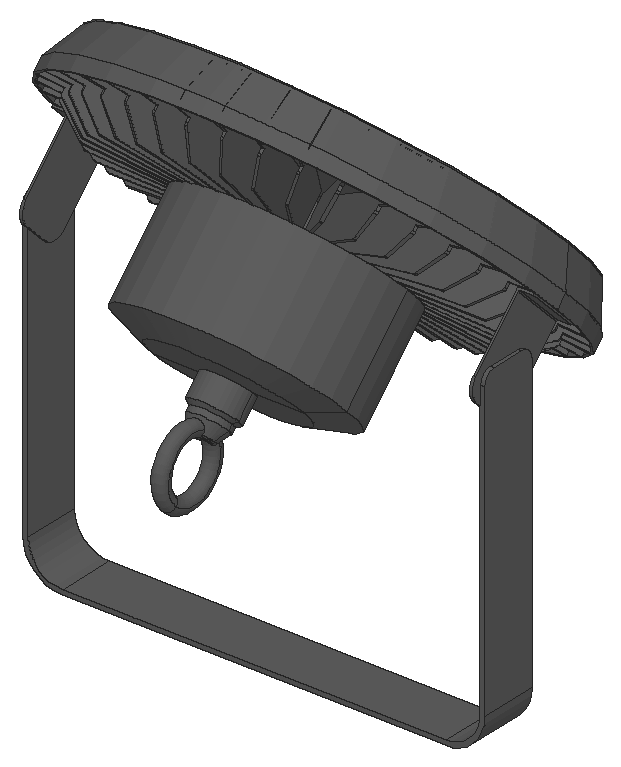
Revit family "0039363+0039354 Sylvania Lighting Fixture START HighBay IP65 DALI 19000lm 840 MB with BRACKET", category Lighting Fixtures, host Face, Revit 2017
Family settings
  Host = Face
  Round Connector Dimension = Use Diameter
  Part Type = Normal
  OmniClass Number = 23.80.70.00
  OmniClass Title = Lighting
  Cut with Voids When Loaded = No
  Light Source = No
  Shared = No
  Room Calculation Point = No
Parameters (values of type "0039363+0039354  START HighBay IP65 DALI 19000lm 840 MB with BRACKET")
  Weight = "3.4 kg"
  Wattage Comments = ""
  WarrantyStartDate [instance] = "n/a"
  WarrantyGuarantorParts = "n/a"
  WarrantyDurationUnit = "n/a"
  WarrantyDurationParts = "n/a"
  WarrantyDescription = "n/a"
  Voltage = 0 V
  URL = "http://www.sylvania-lighting.com"
  TypeName = "START HighBay IP65 DALI 19000lm 840 MB with BRACKET"
  TypeHead_FEILO = Start LED Highbay DALI Head : 0039363+0039354 START HighBay IP65 DALI 19000lm 840 MB with BRACKET
  Type Image = <None>
  Type Comments = "n/a"
  TiltAngle_FEILO [instance] = 45.00°
  ThicknessBracketPlate_FEILO = 3 mm
  SizeBracketS_FEILO = no
  SizeBracketM_FEILO = yes
  SerialNumber [instance] = "n/a"
  RadiusBracketTop_FEILO = 7 mm
  RadiusBendOut_FEILO = if(SizeBracketS_FEILO, 18 mm, if(SizeBracketM_FEILO, 24 mm, 28 mm))  # 24 mm
  RadiusBendIn_FEILO = RadiusBendOut_FEILO - ThicknessBracketPlate_FEILO  # 21 mm
  Material_3_FEILO = none
  PowerFactor = 0.95
  PowerConsumption = "150 W"
  NominalLength = 296 mm
  NominalHeight = 172 mm
  NominalDepth = 296 mm
  Name = "START HighBay IP65 DALI 19000lm 840 MB with BRACKET"
  ModelReference = Name  # "START HighBay IP65 DALI 19000lm 840 MB with BRACKET"
  ModelNumber = "0039363+0039354"
  Model = Name  # "START HighBay IP65 DALI 19000lm 840 MB with BRACKET"
  Material = "aluminium alloy housing, polycarbonate diffuser"
  ManufacturerName = "Feilo Sylvania"
  Manufacturer = "Feilo Sylvania"
  LuminousEfficacy = "130 lm/W"
  LuminaireType = ""
  LightOutputRatio = "n/a"
  LampsType = Lamp  # "LED"
  LampNominalLuminous = "19500 lm"
  LampMacAdamStep = "6"
  LampColourTemperature = "4000 K"
  LampColourRenderingIndex = "80"
  Lamp = "LED"
  Keynote = "16500"
  InstallationDate [instance] = "n/a"
  InputVoltage = "n/a"
  InputNominalFrequency = "50/60 Hz"
  IngressProtection = "IP65"
  ImpactProtectionIndex = "IK08"
  IfcExportType = "IfcLightFixtureType"
  IfcExportAs = "IfcLightFixtureType"
  ExpectedLife = 50000
  EndAngle_FEILO [instance] = TiltAngle_FEILO + 180.00°  # 225.00°
  ElectricShockClassification = "Class I"
  DurationUnit = "hours"
  DocumentationLiterature = "http://www.sylvania-lighting.com/product/en-int/products/0039363"
  DimmingControlOptions = "Dimmable"
  Material_2_FEILO = none
  Description = "START Highbay, includes 1 m cables, black aluminium housing, 19,500 Lm, 150 W, 130 Lm/W, 4000 K, drive current: 3300 mA, CRI 80, 60° beam angle, DALI dimmable, IP65, IK08, 50,000 hrs (L80/B50), (D x H) 296 x 172 mm."
  Default Elevation = 1219.2 mm
  CreatedOn = "5/15/2018"
  CreatedBy = ""
  Cost = 0
  built-in parameter 1114216 [instance] = (empty or 0)
  ClassificationValue = "EF_70_80"
  ClassificationName = "Uniclass2015"
  Material_1_FEILO = Body-Sylvania-StartHighbay-Black
  BracketHeight_FEILO = if(SizeBracketS_FEILO, 199.5 mm, if(SizeBracketM_FEILO, 209.6 mm, 201.3 mm))  # 209.6 mm
  BracketDistanceInner_FEILO = if(SizeBracketS_FEILO, 249.4 mm, if(SizeBracketM_FEILO, 273.6 mm, 313.2 mm))  # 273.6 mm
  BarCode [instance] = "n/a"
  AssetType = "Fixed"
  AssetIdentifier [instance] = "n/a"
  Assembly Code = "D5020200"
  Apparent Load = 150 VA
  Material_4_FEILO = none
Reference planes
  plane 1 "Center (Front/Back)": y = 0
  plane 2: z = 0
  plane 3 "Center (Left/Right)": x = 0
  plane 4: x = -139.8
  plane 5: x = 139.8
  plane 6: z = 209.6
  plane 7: x = -136.8
  plane 8: z = 3
  plane 9: x = 136.8
  plane 10: y = 17.5
  plane 11: y = -17.5
  plane 12: y = -19.5
  plane 13: z = 211.6
  plane 14: y = 19.5
  plane 15: z = 200.6
Forms (mm)
  Extrusion 1, solid, material "Body-Sylvania-StartHighbay-Black" <- "Material_1_FEILO"
    sketch origin (0, 0, 0) x (1, 0, 0) y (0, 0, 1)
      loop
        line (-139.8, 209.6) -> (-139.8, 24)
        arc (-139.8, 24) -> (-132.771, 7.029) -> (-115.8, 0) r 24
        line (-115.8, 0) -> (115.8, 0)
        arc (115.8, 0) -> (132.771, 7.029) -> (139.8, 24) r 24
        line (139.8, 24) -> (139.8, 209.6) -> (136.8, 209.6) -> (136.8, 24)
        arc (136.8, 24) -> (130.649, 9.151) -> (115.8, 3) r 21
        line (115.8, 3) -> (-115.8, 3)
        arc (-115.8, 3) -> (-130.649, 9.151) -> (-136.8, 24) r 21
        line (-136.8, 24) -> (-136.8, 209.6) -> (-139.8, 209.6)
    from -17.5 to 17.5
  Extrusion 2, void
    sketch origin (0, 0, 0) x (0, 1, 0) y (0, 0, 1)
      loop
        arc (10.5, 209.6) -> (15.45, 207.55) -> (17.5, 202.6) r 7
        line (17.5, 202.6) -> (19.5, 202.6) -> (19.5, 211.6) -> (-19.5, 211.6) -> (-19.5, 202.6) -> (-17.5, 202.6)
        arc (-17.5, 202.6) -> (-15.45, 207.55) -> (-10.5, 209.6) r 7
        line (-10.5, 209.6) -> (10.5, 209.6)
    from -139.8 to 139.8
  Revolve 3, solid, not visible
    sketch origin (1223.4, -4572, 200.6) x (0, -1, 0) y (1, 0, 0)
      loop
        line (-4572, -1223.4) -> (-4591.5, -1223.4) -> (-4591.5, -1277.783) -> (-4572, -1277.783) -> (-4572, -1223.4)
      axis (-4572, -1223.4) -> (-4572, -1277.783)
    angle from 45 <- "TiltAngle_FEILO" to 225 <- "EndAngle_FEILO"
Cuts and joins
  Extrusion 2 cuts Extrusion 1
Dimensions and locks
  "BracketHeight_FEILO": plane 6 to plane 2
  equal spacing: plane 11, plane 1 "Center (Front/Back)", plane 10
  locked: plane 11 to plane 10 at 35
  equal spacing: plane 9, plane 3 "Center (Left/Right)", plane 7
  "BracketDistanceInner_FEILO": plane 9 to plane 7
  "ThicknessBracketPlate_FEILO": plane 7 to plane 4
  "ThicknessBracketPlate_FEILO": plane 8 to plane 2
  equal spacing: plane 5, plane 3 "Center (Left/Right)", plane 4
  equal spacing: plane 12, plane 1 "Center (Front/Back)", plane 14
  locked: plane 6 to plane 13 at 2
  locked: plane 12 to plane 11 at 2
  locked: plane 6 to plane 15 at 9
  "RadiusBendOut_FEILO": radius of Extrusion 1 sketch curve  (x2)
  "RadiusBendIn_FEILO": radius of Extrusion 1 sketch curve  (x2)
  "RadiusBracketTop_FEILO": radius of Extrusion 2 sketch curve  (x2)
  aligned and locked: plane 2 to host face
  aligned and locked: level to host face
  aligned and locked: Extrusion 1 sketch curve to plane 4
  aligned and locked: Extrusion 1 sketch curve to level
  aligned and locked: plane 6 to Extrusion 1 sketch curve
  aligned and locked: Extrusion 1 sketch curve to plane 6
  aligned and locked: Extrusion 1 sketch curve to plane 7
  aligned and locked: plane 9 to Extrusion 1 sketch curve
  aligned and locked: plane 8 to Extrusion 1 sketch curve
  aligned and locked: Extrusion 1 to plane 10
  aligned and locked: plane 11 to Extrusion 1
  aligned and locked: Extrusion 1 to Extrusion 2 sketch curve
  aligned and locked: plane 14 to Extrusion 2 sketch curve  (x2)
  aligned and locked: Extrusion 2 sketch curve to plane 12
  aligned and locked: plane 13 to Extrusion 2 sketch curve
  aligned and locked: plane 5 to Extrusion 2
  aligned and locked: Extrusion 2 to plane 4
  aligned and locked: Revolve 3 sketch curve to plane 1 "Center (Front/Back)"
  aligned and locked: Revolve 3 sketch curve to Revolve 3 sketch curve
  aligned and locked: plane 3 "Center (Left/Right)" to Revolve 3 sketch curve
  aligned and locked: Revolve 3 sketch curve to plane 14
  aligned and locked: nested 1 to plane 3 "Center (Left/Right)"
Automatic sketch dimensions
  host sketch curve to host sketch curve = 2438.4 mm  (x2)
  Revolve 3 sketch curve to Revolve 3 sketch curve = 54.383 mm
  Revolve 3 sketch curve to plane 4 = 1396.3 mm
  plane 5 to Revolve 3 sketch curve = 1396.3 mm
  Extrusion 1 sketch curve to Extrusion 1 sketch curve = 0 mm
  Extrusion 2 sketch curve to plane 11 = 0 mm
  Extrusion 2 sketch curve to plane 10 = 0 mm
Nested families
  nested 1: "Start LED Highbay DALI Head" at (0, 0, 200.6) x (-1, 0, 0) z (0, 0.7071, 0.7071), type <- "TypeHead_FEILO", type "0039363+0039354 START HighBay IP65 DALI 19000lm 840 MB with BRACKET"
    with built-in parameter 1114216 (empty or 0)
Connectors
  electrical at (0, 0, 0), driven by "Apparent Load", driven by "PowerFactor", driven by "Voltage"
    settings: index 1, voltage 0 V, apparent load 150 VA, apparent load phase1 0 VA, apparent load phase2 0 VA, apparent load phase3 0 VA, power factor 0.95, load classification "Lighting", number of poles 1, system type 30, power factor state 1, is connector primary yes, connector utility no, sub classification motor no, connector description ""
Definition of nested family "Start LED Highbay DALI Head"
  Parameters (values of type "0039367+0039355+0039361 START HighBay IP65 DALI 26000lm 840 WB with BRACKET and PC LAMPSHADE TRANSPARENT FOR 26KLM")
    X_FEILO = if(SizeS_FEILO, 60.3 mm, if(SizeM_FEILO, 70.4 mm, 83.5 mm))  # 83.5 mm
    WidthStraight_FEILO = if(SizeS_FEILO, 3 mm, if(SizeM_FEILO, 4 mm, 4.7 mm))  # 4.7 mm
    WidthRingChamfer_FEILO = if(SizeS_FEILO, 10.3 mm, if(SizeM_FEILO, 11.2 mm, 12.9 mm))  # 12.9 mm
    WidthCurved_FEILO = if(SizeS_FEILO, 17.4 mm, if(SizeM_FEILO, 16.4 mm, 26.2 mm))  # 26.2 mm
    WidthCurvedRing_FEILO = if(SizeS_FEILO, 3 mm, if(SizeM_FEILO, 4 mm, 4.7 mm))  # 4.7 mm
    WidthBracket_FEILO = 40 mm
    Wattage Comments = ""
    Wattage = 190 W
    built-in parameter 1150110 = 1 (stored number, unit not read)
    URL = "http://www.sylvania-lighting.com"
    Type Image = (empty or 0)
    Type Comments = "n/a"
    built-in parameter 1114217 = 1 (stored number, unit not read)
    Tilt Angle = -90.00°
    ThicknessWall_FEILO = 1.5 mm
    ThicknessBracket_FEILO = 1.5 mm
    ThicknessBracketHalf_FEILO = ThicknessBracket_FEILO / 2  # 0.75 mm
    built-in parameter 1150109 = 1 (stored number, unit not read)
    built-in parameter 1150134 = 1
    built-in parameter 1150113 = 1 (stored number, unit not read)
    SizeS_FEILO = no
    SizeM_FEILO = no
    ShadeThickness_FEILO = 3 mm
    ShadeSizeSM_FEILO = or(SizeS_FEILO, SizeM_FEILO)  # no
    ShadeRadiusOut_FEILO = 205 mm
    ShadeRadiusIn_FEILO = if(ShadeSizeSM_FEILO, 95 mm, 121 mm)  # 121 mm
    ShadeRadiusBend_FEILO = if(ShadeSizeSM_FEILO, 210 mm, 210 mm)  # 210 mm
    ShadeOn_FEILO = yes
    ShadeHeight_FEILO = if(ShadeSizeSM_FEILO, 120 mm, 151 mm)  # 151 mm
    Rib4_FEILO = if(SizeS_FEILO, 18.1 mm, if(SizeM_FEILO, 13.6 mm, 14.6 mm))  # 14.6 mm
    Rib3_FEILO = if(SizeS_FEILO, 15.3 mm, if(SizeM_FEILO, 17.6 mm, 20.2 mm))  # 20.2 mm
    Rib2_FEILO = if(SizeS_FEILO, 3.6 mm, if(SizeM_FEILO, 3.9 mm, 4.5 mm))  # 4.5 mm
    Rib1_FEILO = if(SizeS_FEILO, 15.1 mm, if(SizeM_FEILO, 16.5 mm, 19 mm))  # 19 mm
    RadiusDiffuser_FEILO = if(SizeS_FEILO, 95.2 mm, if(SizeM_FEILO, 105.3 mm, 120 mm))  # 120 mm
    RadiusArrayPost_FEILO = DriverRadius_FEILO - 6 mm  # 70.4 mm
    RHRadius3_FEILO = if(SizeS_FEILO, 6.6 mm, if(SizeM_FEILO, 7.4 mm, 8.6 mm))  # 8.6 mm
    RHRadius2_FEILO = if(SizeS_FEILO, 11 mm, if(SizeM_FEILO, 12 mm, 14 mm))  # 14 mm
    RHRadius1_FEILO = if(SizeS_FEILO, 13.6 mm, if(SizeM_FEILO, 14.9 mm, 17.7 mm))  # 17.7 mm
    RHHeight4_FEILO = if(SizeS_FEILO, 7.3 mm, if(SizeM_FEILO, 8 mm, 9.2 mm))  # 9.2 mm
    RHHeight3_FEILO = if(SizeS_FEILO, 3.6 mm, if(SizeM_FEILO, 3.7 mm, 4.6 mm))  # 4.6 mm
    RHHeight2_FEILO = if(SizeS_FEILO, 2 mm, if(SizeM_FEILO, 2.2 mm, 2.6 mm))  # 2.6 mm
    RHHeight1_FEILO = if(SizeS_FEILO, 11.8 mm, if(SizeM_FEILO, 15.3 mm, 17.4 mm))  # 17.4 mm
    Photometric Web File = "0039367+0039361.ies"
    Material_5_FEILO = none
    Material_3_FEILO = none
    Model = "START HighBay IP65 DALI 26000lm 840 WB with BRACKET and PC LAMPSHADE TRANSPARENT FOR 26KLM"
    Manufacturer = "Feilo Sylvania"
    built-in parameter 1150105 = 33385.3 (stored number, unit not read)
    Lumens = 24700 lm
    built-in parameter 1150115 = 1 (stored number, unit not read)
    built-in parameter 1150137 = (empty or 0)
    built-in parameter 1150139 = (empty or 0)
    built-in parameter 1150112 = 1 (stored number, unit not read)
    built-in parameter 1150114 = 1 (stored number, unit not read)
    Lamp = "LED"
    Keynote = "16500"
    built-in parameter 1150132 = (empty or 0)
    built-in parameter 1150102 = (empty or 0)
    built-in parameter 1150107 = 6500 (stored number, unit not read)
    built-in parameter 1150138 = (empty or 0)
    built-in parameter 1150106 = 333.85 (stored number, unit not read)
    HeightRing_FEILO = if(SizeS_FEILO, 19.8 mm, if(SizeM_FEILO, 32 mm, 36.8 mm))  # 36.8 mm
    HeightRingChamfer_FEILO = if(SizeS_FEILO, 11.7 mm, if(SizeM_FEILO, 23.2 mm, 26.6 mm))  # 26.6 mm
    EyeThickness_FEILO = if(SizeS_FEILO, 8.4 mm, if(SizeM_FEILO, 9.2 mm, 10.5 mm))  # 10.5 mm
    EyeThicknessHalf_FEILO = EyeThickness_FEILO / 2  # 5.25 mm
    EyeInner_FEILO = if(SizeS_FEILO, 13.8 mm, if(SizeM_FEILO, 15.1 mm, 17.3 mm))  # 17.3 mm
    Emit from Circle Diameter = RadiusDiffuser_FEILO * 2  # 240 mm
    Emit Shape Visible in Rendering = no
    built-in parameter 1150104 = 12.077 (stored number, unit not read)
    DriverVerticalStraight_FEILO = if(SizeS_FEILO, 46.5 mm, if(SizeM_FEILO, 49.7 mm, 57 mm))  # 57 mm
    DriverVerticalChamfer_FEILO = if(SizeS_FEILO, 7.5 mm, if(SizeM_FEILO, 8.2 mm, 9.5 mm))  # 9.5 mm
    DriverRadius_FEILO = if(SizeS_FEILO, 61.4 mm, if(SizeM_FEILO, 67.2 mm, 76.4 mm))  # 76.4 mm
    DriverRadiusTop_FEILO = if(SizeS_FEILO, 42 mm, if(SizeM_FEILO, 45.3 mm, 52.4 mm))  # 52.4 mm
    DriverBottom_FEILO = if(SizeS_FEILO, 56 mm, if(SizeM_FEILO, 64.5 mm, 74 mm))  # 74 mm
    Material_2_FEILO = none
    Radius_FEILO = if(SizeS_FEILO, 135 mm, if(SizeM_FEILO, 148 mm, 169.5 mm))  # 169.5 mm
    Dimming Lamp Color Temperature Shift = (empty or 0)
    DiameterWire_FEILO = 3 mm
    DiameterWireSupport_FEILO = 10 mm
    Description = "START Highbay, includes 1 m cables, black aluminium housing, 24,700 Lm, 190 W, 130 Lm/W, 6500 K, drive current: 4100 mA, CRI 80, 90° beam angle, DALI dimmable, IP65, IK08, 50,000 hrs (L80/B50), (D x H) 339 x 189 mm."
    Default Elevation = 1219.2 mm
    Cost = 0
    Color Filter = 16777215
    built-in parameter 1114216 [instance] = (empty or 0)
    Material_1_FEILO = none
    built-in parameter 1114218 = 1 (stored number, unit not read)
    built-in parameter 1150133 = 10 (stored number, unit not read)
    Assembly Code = "D5020200"
    Apparent Load = 190 VA
    Material_4_FEILO = none
  Types (24, lengths in mm): name | X_FEILO | WidthStraight_FEILO | WidthRingChamfer_FEILO | WidthCurved_FEILO | WidthCurvedRing_FEILO | Wattage | built-in parameter 1150134 | SizeS_FEILO | SizeM_FEILO | ShadeSizeSM_FEILO | ShadeRadiusIn_FEILO | ShadeOn_FEILO | ShadeHeight_FEILO | Rib4_FEILO | Rib3_FEILO | Rib2_FEILO | Rib1_FEILO | RadiusDiffuser_FEILO | RadiusArrayPost_FEILO | RHRadius3_FEILO | RHRadius2_FEILO | RHRadius1_FEILO | RHHeight4_FEILO | RHHeight3_FEILO | RHHeight2_FEILO | RHHeight1_FEILO | Photometric Web File | Model | built-in parameter 1150105 | Lumens | built-in parameter 1150107 | built-in parameter 1150106 | HeightRing_FEILO | HeightRingChamfer_FEILO | EyeThickness_FEILO | EyeThicknessHalf_FEILO | EyeInner_FEILO | Emit from Circle Diameter | DriverVerticalStraight_FEILO | DriverVerticalChamfer_FEILO | DriverRadius_FEILO | DriverRadiusTop_FEILO | DriverBottom_FEILO | Radius_FEILO | Description | Apparent Load
    0039367+0039355+0039361 START HighBay IP65 DALI 26000lm 840 WB with BRACKET and PC LAMPSHADE TRANSPARENT FOR 26KLM | 83.5 | 4.7 | 12.9 | 26.2 | 4.7 | 190 W | 1 | no | no | no | 121 | yes | 151 | 14.6 | 20.2 | 4.5 | 19 | 120 | 70.4 | 8.6 | 14 | 17.7 | 9.2 | 4.6 | 2.6 | 17.4 | "0039367+0039361.ies" | "START HighBay IP65 DALI 26000lm 840 WB with BRACKET and PC LAMPSHADE TRANSPARENT FOR 26KLM" | 33385.3 (stored number, unit not read) | 24700 lm | 6500 (stored number, unit not read) | 333.85 (stored number, unit not read) | 36.8 | 26.6 | 10.5 | 5.25 | 17.3 | 240 | 57 | 9.5 | 76.4 | 52.4 | 74 | 169.5 | "START Highbay, includes 1 m cables, black aluminium housing, 24,700 Lm, 190 W, 130 Lm/W, 6500 K, drive current: 4100 mA, CRI 80, 90° beam angle, DALI dimmable, IP65, IK08, 50,000 hrs (L80/B50), (D x H) 339 x 189 mm." | 190 VA
    0039367+0039355+0039360 START HighBay IP65 DALI 26000lm 840 WB with BRACKET and ALU SHADE BLACK COLOR FOR 26KLM | 83.5 | 4.7 | 12.9 | 26.2 | 4.7 | 190 W | 1 | no | no | no | 121 | yes | 151 | 14.6 | 20.2 | 4.5 | 19 | 120 | 70.4 | 8.6 | 14 | 17.7 | 9.2 | 4.6 | 2.6 | 17.4 | "0039367+0039360.ies" | "START HighBay IP65 DALI 26000lm 840 WB with BRACKET and ALU SHADE BLACK COLOR FOR 26KLM" | 33569.2 (stored number, unit not read) | 24700 lm | 6500 (stored number, unit not read) | 335.69 (stored number, unit not read) | 36.8 | 26.6 | 10.5 | 5.25 | 17.3 | 240 | 57 | 9.5 | 76.4 | 52.4 | 74 | 169.5 | "START Highbay, includes 1 m cables, black aluminium housing, 24,700 Lm, 190 W, 130 Lm/W, 6500 K, drive current: 4100 mA, CRI 80, 90° beam angle, DALI dimmable, IP65, IK08, 50,000 hrs (L80/B50), (D x H) 339 x 189 mm." | 190 VA
    0039367+0039355+0039359 START HighBay IP65 DALI 26000lm 840 WB with BRACKET and ALU SHADE ALU COLOR FOR 26KLM | 83.5 | 4.7 | 12.9 | 26.2 | 4.7 | 190 W | 1 | no | no | no | 121 | yes | 151 | 14.6 | 20.2 | 4.5 | 19 | 120 | 70.4 | 8.6 | 14 | 17.7 | 9.2 | 4.6 | 2.6 | 17.4 | "0039367+0039359.ies" | "START HighBay IP65 DALI 26000lm 840 WB with BRACKET and ALU SHADE ALU COLOR FOR 26KLM" | 33569.2 (stored number, unit not read) | 24700 lm | 6500 (stored number, unit not read) | 335.69 (stored number, unit not read) | 36.8 | 26.6 | 10.5 | 5.25 | 17.3 | 240 | 57 | 9.5 | 76.4 | 52.4 | 74 | 169.5 | "START Highbay, includes 1 m cables, black aluminium housing, 24,700 Lm, 190 W, 130 Lm/W, 6500 K, drive current: 4100 mA, CRI 80, 90° beam angle, DALI dimmable, IP65, IK08, 50,000 hrs (L80/B50), (D x H) 339 x 189 mm." | 190 VA
    0039367+0039355 START HighBay IP65 DALI 26000lm 840 WB with BRACKET | 83.5 | 4.7 | 12.9 | 26.2 | 4.7 | 190 W | 1 | no | no | no | 121 | no | 151 | 14.6 | 20.2 | 4.5 | 19 | 120 | 70.4 | 8.6 | 14 | 17.7 | 9.2 | 4.6 | 2.6 | 17.4 | "0039367.ies" | "START HighBay IP65 DALI 26000lm 840 WB with BRACKET" | 13532 (stored number, unit not read) | 24700 lm | 6500 (stored number, unit not read) | 135.32 (stored number, unit not read) | 36.8 | 26.6 | 10.5 | 5.25 | 17.3 | 240 | 57 | 9.5 | 76.4 | 52.4 | 74 | 169.5 | "START Highbay, includes 1 m cables, black aluminium housing, 24,700 Lm, 190 W, 130 Lm/W, 6500 K, drive current: 4100 mA, CRI 80, 90° beam angle, DALI dimmable, IP65, IK08, 50,000 hrs (L80/B50), (D x H) 339 x 189 mm." | 190 VA
    0039366+0039354+0039358 START HighBay IP65 DALI 19000lm 840 WB with BRACKET and PC LAMPSHADE TRANSPARENT 13/19KLM | 70.4 | 4 | 11.2 | 16.4 | 4 | 150 W | 1 | no | yes | yes | 95 | yes | 120 | 13.6 | 17.6 | 3.9 | 16.5 | 105.3 | 61.2 | 7.4 | 12 | 14.9 | 8 | 3.7 | 2.2 | 15.3 | "0039366+0039358.ies" | "START HighBay IP65 DALI 19000lm 840 WB with BRACKET and PC LAMPSHADE TRANSPARENT 13/19KLM" | 26356.9 (stored number, unit not read) | 19500 lm | 6500 (stored number, unit not read) | 263.57 (stored number, unit not read) | 32 | 23.2 | 9.2 | 4.6 | 15.1 | 210.6 | 49.7 | 8.2 | 67.2 | 45.3 | 64.5 | 148 | "START Highbay, includes 1 m cables, black aluminium housing, 19,500 Lm, 150 W, 130 Lm/W, 6500 K, drive current: 3300 mA, CRI 80, 90° beam angle, DALI dimmable, IP65, IK08, 50,000 hrs (L80/B50), (D x H) 296 x 172 mm." | 150 VA
    0039366+0039354+0039357 START HighBay IP65 DALI 19000lm 840 WB with BRACKET and ALU SHADE BLACK COLOR FOR 13/19KLM | 70.4 | 4 | 11.2 | 16.4 | 4 | 150 W | 1 | no | yes | yes | 95 | yes | 120 | 13.6 | 17.6 | 3.9 | 16.5 | 105.3 | 61.2 | 7.4 | 12 | 14.9 | 8 | 3.7 | 2.2 | 15.3 | "0039366+0039357.ies" | "START HighBay IP65 DALI 19000lm 840 WB with BRACKET and ALU SHADE BLACK COLOR FOR 13/19KLM" | 26502 (stored number, unit not read) | 19500 lm | 6500 (stored number, unit not read) | 265.02 (stored number, unit not read) | 32 | 23.2 | 9.2 | 4.6 | 15.1 | 210.6 | 49.7 | 8.2 | 67.2 | 45.3 | 64.5 | 148 | "START Highbay, includes 1 m cables, black aluminium housing, 19,500 Lm, 150 W, 130 Lm/W, 6500 K, drive current: 3300 mA, CRI 80, 90° beam angle, DALI dimmable, IP65, IK08, 50,000 hrs (L80/B50), (D x H) 296 x 172 mm." | 150 VA
    0039366+0039354+0039356 START HighBay IP65 DALI 19000lm 840 WB with BRACKET and ALU SHADE ALU COLOR FOR 13/19KLM | 70.4 | 4 | 11.2 | 16.4 | 4 | 150 W | 1 | no | yes | yes | 95 | yes | 120 | 13.6 | 17.6 | 3.9 | 16.5 | 105.3 | 61.2 | 7.4 | 12 | 14.9 | 8 | 3.7 | 2.2 | 15.3 | "0039366+0039356.ies" | "START HighBay IP65 DALI 19000lm 840 WB with BRACKET and ALU SHADE ALU COLOR FOR 13/19KLM" | 26502 (stored number, unit not read) | 19500 lm | 6500 (stored number, unit not read) | 265.02 (stored number, unit not read) | 32 | 23.2 | 9.2 | 4.6 | 15.1 | 210.6 | 49.7 | 8.2 | 67.2 | 45.3 | 64.5 | 148 | "START Highbay, includes 1 m cables, black aluminium housing, 19,500 Lm, 150 W, 130 Lm/W, 6500 K, drive current: 3300 mA, CRI 80, 90° beam angle, DALI dimmable, IP65, IK08, 50,000 hrs (L80/B50), (D x H) 296 x 172 mm." | 150 VA
    0039366+0039354 START HighBay IP65 DALI 19000lm 840 WB with BRACKET | 70.4 | 4 | 11.2 | 16.4 | 4 | 150 W | 1 | no | yes | yes | 95 | no | 120 | 13.6 | 17.6 | 3.9 | 16.5 | 105.3 | 61.2 | 7.4 | 12 | 14.9 | 8 | 3.7 | 2.2 | 15.3 | "0039366.ies" | "START HighBay IP65 DALI 19000lm 840 WB with BRACKET" | 10981.5 (stored number, unit not read) | 19500 lm | 6500 (stored number, unit not read) | 109.82 (stored number, unit not read) | 32 | 23.2 | 9.2 | 4.6 | 15.1 | 210.6 | 49.7 | 8.2 | 67.2 | 45.3 | 64.5 | 148 | "START Highbay, includes 1 m cables, black aluminium housing, 19,500 Lm, 150 W, 130 Lm/W, 6500 K, drive current: 3300 mA, CRI 80, 90° beam angle, DALI dimmable, IP65, IK08, 50,000 hrs (L80/B50), (D x H) 296 x 172 mm." | 150 VA
    0039365+0039353+0039358 START HighBay IP65 DALI 13000lm 840 WB with BRACKET and PC LAMPSHADE TRANSPARENT 13/19KLM | 60.3 | 3 | 10.3 | 17.4 | 3 | 90 W | 1 | yes | no | yes | 95 | yes | 120 | 18.1 | 15.3 | 3.6 | 15.1 | 95.2 | 55.4 | 6.6 | 11 | 13.6 | 7.3 | 3.6 | 2 | 11.8 | "0039365+0039358.ies" | "START HighBay IP65 DALI 13000lm 840 WB with BRACKET and PC LAMPSHADE TRANSPARENT 13/19KLM" | 15814.1 (stored number, unit not read) | 11700 lm | 6500 (stored number, unit not read) | 158.14 (stored number, unit not read) | 19.8 | 11.7 | 8.4 | 4.2 | 13.8 | 190.4 | 46.5 | 7.5 | 61.4 | 42 | 56 | 135 | "START Highbay, includes 1 m cables, black aluminium housing, 11,700 Lm, 90 W, 130 Lm/W, 6500 K, drive current: 2000 mA, CRI 80, 90° beam angle, DALI dimmable, IP65, IK08, 50,000 hrs (L80/B50), (D x H) 270 x 175 mm." | 90 VA
    0039365+0039353+0039357 START HighBay IP65 DALI 13000lm 840 WB with BRACKET and ALU SHADE BLACK COLOR FOR 13/19KLM | 60.3 | 3 | 10.3 | 17.4 | 3 | 90 W | 1 | yes | no | yes | 95 | yes | 120 | 18.1 | 15.3 | 3.6 | 15.1 | 95.2 | 55.4 | 6.6 | 11 | 13.6 | 7.3 | 3.6 | 2 | 11.8 | "0039365+0039357.ies" | "START HighBay IP65 DALI 13000lm 840 WB with BRACKET and ALU SHADE BLACK COLOR FOR 13/19KLM" | 15901.2 (stored number, unit not read) | 11700 lm | 6500 (stored number, unit not read) | 159.01 (stored number, unit not read) | 19.8 | 11.7 | 8.4 | 4.2 | 13.8 | 190.4 | 46.5 | 7.5 | 61.4 | 42 | 56 | 135 | "START Highbay, includes 1 m cables, black aluminium housing, 11,700 Lm, 90 W, 130 Lm/W, 6500 K, drive current: 2000 mA, CRI 80, 90° beam angle, DALI dimmable, IP65, IK08, 50,000 hrs (L80/B50), (D x H) 270 x 175 mm." | 90 VA
    0039365+0039353+0039356 START HighBay IP65 DALI 13000lm 840 WB with BRACKET and ALU SHADE ALU COLOR FOR 13/19KLM | 60.3 | 3 | 10.3 | 17.4 | 3 | 90 W | 1 | yes | no | yes | 95 | yes | 120 | 18.1 | 15.3 | 3.6 | 15.1 | 95.2 | 55.4 | 6.6 | 11 | 13.6 | 7.3 | 3.6 | 2 | 11.8 | "0039365+0039356.ies" | "START HighBay IP65 DALI 13000lm 840 WB with BRACKET and ALU SHADE ALU COLOR FOR 13/19KLM" | 15901.2 (stored number, unit not read) | 11700 lm | 6500 (stored number, unit not read) | 159.01 (stored number, unit not read) | 19.8 | 11.7 | 8.4 | 4.2 | 13.8 | 190.4 | 46.5 | 7.5 | 61.4 | 42 | 56 | 135 | "START Highbay, includes 1 m cables, black aluminium housing, 11,700 Lm, 90 W, 130 Lm/W, 6500 K, drive current: 2000 mA, CRI 80, 90° beam angle, DALI dimmable, IP65, IK08, 50,000 hrs (L80/B50), (D x H) 270 x 175 mm." | 90 VA
    0039365+0039353 START HighBay IP65 DALI 13000lm 840 WB with BRACKET | 60.3 | 3 | 10.3 | 17.4 | 3 | 90 W | 1 | yes | no | yes | 95 | no | 120 | 18.1 | 15.3 | 3.6 | 15.1 | 95.2 | 55.4 | 6.6 | 11 | 13.6 | 7.3 | 3.6 | 2 | 11.8 | "0039365.ies" | "START HighBay IP65 DALI 13000lm 840 WB with BRACKET" | 6365.5 (stored number, unit not read) | 11700 lm | 6500 (stored number, unit not read) | 63.655 (stored number, unit not read) | 19.8 | 11.7 | 8.4 | 4.2 | 13.8 | 190.4 | 46.5 | 7.5 | 61.4 | 42 | 56 | 135 | "START Highbay, includes 1 m cables, black aluminium housing, 11,700 Lm, 90 W, 130 Lm/W, 6500 K, drive current: 2000 mA, CRI 80, 90° beam angle, DALI dimmable, IP65, IK08, 50,000 hrs (L80/B50), (D x H) 270 x 175 mm." | 90 VA
    0039364+0039355+0039361 START HighBay IP65 DALI 26000lm 840 MB with BRACKET and PC LAMPSHADE TRANSPARENT FOR 26KLM | 83.5 | 4.7 | 12.9 | 26.2 | 4.7 | 190 W | 12 | no | no | no | 121 | yes | 151 | 14.6 | 20.2 | 4.5 | 19 | 120 | 70.4 | 8.6 | 14 | 17.7 | 9.2 | 4.6 | 2.6 | 17.4 | "0039364+0039361.ies" | "START HighBay IP65 DALI 26000lm 840 MB with BRACKET and PC LAMPSHADE TRANSPARENT FOR 26KLM" | 33385.3 (stored number, unit not read) | 24700 lm | 4000 (stored number, unit not read) | 333.85 (stored number, unit not read) | 36.8 | 26.6 | 10.5 | 5.25 | 17.3 | 240 | 57 | 9.5 | 76.4 | 52.4 | 74 | 169.5 | "START Highbay, includes 1 m cables, black aluminium housing, 24,700 Lm, 190 W, 130 Lm/W, 4000 K, drive current: 4100 mA, CRI 80, 60° beam angle, DALI dimmable, IP65, IK08, 50,000 hrs (L80/B50), (D x H) 339 x 189 mm." | 190 VA
    0039364+0039355+0039360 START HighBay IP65 DALI 26000lm 840 MB with BRACKET and ALU SHADE BLACK COLOR FOR 26KLM | 83.5 | 4.7 | 12.9 | 26.2 | 4.7 | 190 W | 12 | no | no | no | 121 | yes | 151 | 14.6 | 20.2 | 4.5 | 19 | 120 | 70.4 | 8.6 | 14 | 17.7 | 9.2 | 4.6 | 2.6 | 17.4 | "0039364+0039360.ies" | "START HighBay IP65 DALI 26000lm 840 MB with BRACKET and ALU SHADE BLACK COLOR FOR 26KLM" | 33569.2 (stored number, unit not read) | 24700 lm | 4000 (stored number, unit not read) | 335.69 (stored number, unit not read) | 36.8 | 26.6 | 10.5 | 5.25 | 17.3 | 240 | 57 | 9.5 | 76.4 | 52.4 | 74 | 169.5 | "START Highbay, includes 1 m cables, black aluminium housing, 24,700 Lm, 190 W, 130 Lm/W, 4000 K, drive current: 4100 mA, CRI 80, 60° beam angle, DALI dimmable, IP65, IK08, 50,000 hrs (L80/B50), (D x H) 339 x 189 mm." | 190 VA
    0039364+0039355+0039359 START HighBay IP65 DALI 26000lm 840 MB with BRACKET and ALU SHADE ALU COLOR FOR 26KLM | 83.5 | 4.7 | 12.9 | 26.2 | 4.7 | 190 W | 12 | no | no | no | 121 | yes | 151 | 14.6 | 20.2 | 4.5 | 19 | 120 | 70.4 | 8.6 | 14 | 17.7 | 9.2 | 4.6 | 2.6 | 17.4 | "0039364+0039359.ies" | "START HighBay IP65 DALI 26000lm 840 MB with BRACKET and ALU SHADE ALU COLOR FOR 26KLM" | 33569.2 (stored number, unit not read) | 24700 lm | 4000 (stored number, unit not read) | 335.69 (stored number, unit not read) | 36.8 | 26.6 | 10.5 | 5.25 | 17.3 | 240 | 57 | 9.5 | 76.4 | 52.4 | 74 | 169.5 | "START Highbay, includes 1 m cables, black aluminium housing, 24,700 Lm, 190 W, 130 Lm/W, 4000 K, drive current: 4100 mA, CRI 80, 60° beam angle, DALI dimmable, IP65, IK08, 50,000 hrs (L80/B50), (D x H) 339 x 189 mm." | 190 VA
    0039364+0039355 START HighBay IP65 DALI 26000lm 840 MB with BRACKET | 83.5 | 4.7 | 12.9 | 26.2 | 4.7 | 190 W | 12 | no | no | no | 121 | no | 151 | 14.6 | 20.2 | 4.5 | 19 | 120 | 70.4 | 8.6 | 14 | 17.7 | 9.2 | 4.6 | 2.6 | 17.4 | "0039364.ies" | "START HighBay IP65 DALI 26000lm 840 MB with BRACKET" | 26901.8 (stored number, unit not read) | 24700 lm | 4000 (stored number, unit not read) | 269.02 (stored number, unit not read) | 36.8 | 26.6 | 10.5 | 5.25 | 17.3 | 240 | 57 | 9.5 | 76.4 | 52.4 | 74 | 169.5 | "START Highbay, includes 1 m cables, black aluminium housing, 24,700 Lm, 190 W, 130 Lm/W, 4000 K, drive current: 4100 mA, CRI 80, 60° beam angle, DALI dimmable, IP65, IK08, 50,000 hrs (L80/B50), (D x H) 339 x 189 mm." | 190 VA
    0039363+0039354+0039358 START HighBay IP65 DALI 19000lm 840 MB with BRACKET and PC LAMPSHADE TRANSPARENT 13/19KLM | 70.4 | 4 | 11.2 | 16.4 | 4 | 150 W | 12 | no | yes | yes | 95 | yes | 120 | 13.6 | 17.6 | 3.9 | 16.5 | 105.3 | 61.2 | 7.4 | 12 | 14.9 | 8 | 3.7 | 2.2 | 15.3 | "0039363+0039358.ies" | "START HighBay IP65 DALI 19000lm 840 MB with BRACKET and PC LAMPSHADE TRANSPARENT 13/19KLM" | 26356.9 (stored number, unit not read) | 19500 lm | 4000 (stored number, unit not read) | 263.57 (stored number, unit not read) | 32 | 23.2 | 9.2 | 4.6 | 15.1 | 210.6 | 49.7 | 8.2 | 67.2 | 45.3 | 64.5 | 148 | "START Highbay, includes 1 m cables, black aluminium housing, 19,500 Lm, 150 W, 130 Lm/W, 4000 K, drive current: 3300 mA, CRI 80, 60° beam angle, DALI dimmable, IP65, IK08, 50,000 hrs (L80/B50), (D x H) 296 x 172 mm." | 150 VA
    0039363+0039354+0039357 START HighBay IP65 DALI 19000lm 840 MB with BRACKET and ALU SHADE BLACK COLOR FOR 13/19KLM | 70.4 | 4 | 11.2 | 16.4 | 4 | 150 W | 12 | no | yes | yes | 95 | yes | 120 | 13.6 | 17.6 | 3.9 | 16.5 | 105.3 | 61.2 | 7.4 | 12 | 14.9 | 8 | 3.7 | 2.2 | 15.3 | "0039363+0039357.ies" | "START HighBay IP65 DALI 19000lm 840 MB with BRACKET and ALU SHADE BLACK COLOR FOR 13/19KLM" | 26502 (stored number, unit not read) | 19500 lm | 4000 (stored number, unit not read) | 265.02 (stored number, unit not read) | 32 | 23.2 | 9.2 | 4.6 | 15.1 | 210.6 | 49.7 | 8.2 | 67.2 | 45.3 | 64.5 | 148 | "START Highbay, includes 1 m cables, black aluminium housing, 19,500 Lm, 150 W, 130 Lm/W, 4000 K, drive current: 3300 mA, CRI 80, 60° beam angle, DALI dimmable, IP65, IK08, 50,000 hrs (L80/B50), (D x H) 296 x 172 mm." | 150 VA
    0039363+0039354+0039356 START HighBay IP65 DALI 19000lm 840 MB with BRACKET and ALU SHADE ALU COLOR FOR 13/19KLM | 70.4 | 4 | 11.2 | 16.4 | 4 | 150 W | 12 | no | yes | yes | 95 | yes | 120 | 13.6 | 17.6 | 3.9 | 16.5 | 105.3 | 61.2 | 7.4 | 12 | 14.9 | 8 | 3.7 | 2.2 | 15.3 | "0039363+0039356.ies" | "START HighBay IP65 DALI 19000lm 840 MB with BRACKET and ALU SHADE ALU COLOR FOR 13/19KLM" | 26502 (stored number, unit not read) | 19500 lm | 4000 (stored number, unit not read) | 265.02 (stored number, unit not read) | 32 | 23.2 | 9.2 | 4.6 | 15.1 | 210.6 | 49.7 | 8.2 | 67.2 | 45.3 | 64.5 | 148 | "START Highbay, includes 1 m cables, black aluminium housing, 19,500 Lm, 150 W, 130 Lm/W, 4000 K, drive current: 3300 mA, CRI 80, 60° beam angle, DALI dimmable, IP65, IK08, 50,000 hrs (L80/B50), (D x H) 296 x 172 mm." | 150 VA
    0039363+0039354 START HighBay IP65 DALI 19000lm 840 MB with BRACKET | 70.4 | 4 | 11.2 | 16.4 | 4 | 150 W | 12 | no | yes | yes | 95 | no | 120 | 13.6 | 17.6 | 3.9 | 16.5 | 105.3 | 61.2 | 7.4 | 12 | 14.9 | 8 | 3.7 | 2.2 | 15.3 | "0039363.ies" | "START HighBay IP65 DALI 19000lm 840 MB with BRACKET" | 22125.4 (stored number, unit not read) | 19500 lm | 4000 (stored number, unit not read) | 221.25 (stored number, unit not read) | 32 | 23.2 | 9.2 | 4.6 | 15.1 | 210.6 | 49.7 | 8.2 | 67.2 | 45.3 | 64.5 | 148 | "START Highbay, includes 1 m cables, black aluminium housing, 19,500 Lm, 150 W, 130 Lm/W, 4000 K, drive current: 3300 mA, CRI 80, 60° beam angle, DALI dimmable, IP65, IK08, 50,000 hrs (L80/B50), (D x H) 296 x 172 mm." | 150 VA
    0039362+0039353+0039358 START HighBay IP65 DALI 13000lm 840 MB with BRACKET and PC LAMPSHADE TRANSPARENT 13/19KLM | 60.3 | 3 | 10.3 | 17.4 | 3 | 90 W | 12 | yes | no | yes | 95 | yes | 120 | 18.1 | 15.3 | 3.6 | 15.1 | 95.2 | 55.4 | 6.6 | 11 | 13.6 | 7.3 | 3.6 | 2 | 11.8 | "0039362+0039358.ies" | "START HighBay IP65 DALI 13000lm 840 MB with BRACKET and PC LAMPSHADE TRANSPARENT 13/19KLM" | 15814.1 (stored number, unit not read) | 11700 lm | 4000 (stored number, unit not read) | 158.14 (stored number, unit not read) | 19.8 | 11.7 | 8.4 | 4.2 | 13.8 | 190.4 | 46.5 | 7.5 | 61.4 | 42 | 56 | 135 | "START Highbay, includes 1 m cables, black aluminium housing, 11,700 Lm, 90 W, 130 Lm/W, 4000 K, drive current: 2000 mA, CRI 80, 60° beam angle, DALI dimmable, IP65, IK08, 50,000 hrs (L80/B50), (D x H) 270 x 175 mm." | 90 VA
    0039362+0039353+0039357 START HighBay IP65 DALI 13000lm 840 MB with BRACKET and ALU SHADE BLACK COLOR FOR 13/19KLM | 60.3 | 3 | 10.3 | 17.4 | 3 | 90 W | 12 | yes | no | yes | 95 | yes | 120 | 18.1 | 15.3 | 3.6 | 15.1 | 95.2 | 55.4 | 6.6 | 11 | 13.6 | 7.3 | 3.6 | 2 | 11.8 | "0039362+0039357.ies" | "START HighBay IP65 DALI 13000lm 840 MB with BRACKET and ALU SHADE BLACK COLOR FOR 13/19KLM" | 15901.2 (stored number, unit not read) | 11700 lm | 4000 (stored number, unit not read) | 159.01 (stored number, unit not read) | 19.8 | 11.7 | 8.4 | 4.2 | 13.8 | 190.4 | 46.5 | 7.5 | 61.4 | 42 | 56 | 135 | "START Highbay, includes 1 m cables, black aluminium housing, 11,700 Lm, 90 W, 130 Lm/W, 4000 K, drive current: 2000 mA, CRI 80, 60° beam angle, DALI dimmable, IP65, IK08, 50,000 hrs (L80/B50), (D x H) 270 x 175 mm." | 90 VA
    0039362+0039353+0039356 START HighBay IP65 DALI 13000lm 840 MB with BRACKET and ALU SHADE ALU COLOR FOR 13/19KLM | 60.3 | 3 | 10.3 | 17.4 | 3 | 90 W | 12 | yes | no | yes | 95 | yes | 120 | 18.1 | 15.3 | 3.6 | 15.1 | 95.2 | 55.4 | 6.6 | 11 | 13.6 | 7.3 | 3.6 | 2 | 11.8 | "0039362+0039356.ies" | "START HighBay IP65 DALI 13000lm 840 MB with BRACKET and ALU SHADE ALU COLOR FOR 13/19KLM" | 15901.2 (stored number, unit not read) | 11700 lm | 4000 (stored number, unit not read) | 159.01 (stored number, unit not read) | 19.8 | 11.7 | 8.4 | 4.2 | 13.8 | 190.4 | 46.5 | 7.5 | 61.4 | 42 | 56 | 135 | "START Highbay, includes 1 m cables, black aluminium housing, 11,700 Lm, 90 W, 130 Lm/W, 4000 K, drive current: 2000 mA, CRI 80, 60° beam angle, DALI dimmable, IP65, IK08, 50,000 hrs (L80/B50), (D x H) 270 x 175 mm." | 90 VA
    0039362+0039353 START HighBay IP65 DALI 13000lm 840 MB with BRACKET | 60.3 | 3 | 10.3 | 17.4 | 3 | 90 W | 12 | yes | no | yes | 95 | no | 120 | 18.1 | 15.3 | 3.6 | 15.1 | 95.2 | 55.4 | 6.6 | 11 | 13.6 | 7.3 | 3.6 | 2 | 11.8 | "0039362.ies" | "START HighBay IP65 DALI 13000lm 840 MB with BRACKET" | 13336.9 (stored number, unit not read) | 11700 lm | 4000 (stored number, unit not read) | 133.37 (stored number, unit not read) | 19.8 | 11.7 | 8.4 | 4.2 | 13.8 | 190.4 | 46.5 | 7.5 | 61.4 | 42 | 56 | 135 | "START Highbay, includes 1 m cables, black aluminium housing, 11,700 Lm, 90 W, 130 Lm/W, 4000 K, drive current: 2000 mA, CRI 80, 60° beam angle, DALI dimmable, IP65, IK08, 50,000 hrs (L80/B50), (D x H) 270 x 175 mm." | 90 VA
  Reference planes
    plane 1 "Center (Front/Back)": y = 0
    plane 2: z = 0
    plane 3 "Center (Left/Right)": x = 0
    plane 4: z = 83.5
    plane 5: x = -169.5
    plane 6: x = -156.6
    plane 7: z = 56.9
    plane 8: z = 46.7
    plane 9: x = -151.9
    plane 10: z = 80.875
    plane 11: x = -125.7
    plane 12: x = -120
    plane 13: x = -147.2
    plane 14: z = 81.875
    plane 15: z = 79.875
    plane 16: x = -117
    plane 17: z = 78.875
    plane 18: x = -168
    plane 19: x = -150.5
    plane 20: z = 42.2
    plane 21: x = -130.3
    plane 22: z = 27.6
    plane 23: x = -20
    plane 24: z = 9.5
    plane 25: x = -76.4
    plane 26: z = -47.5
    plane 27: x = -52.4
    plane 28: z = -57
    plane 29: x = -17.7
    plane 30: z = -74.4
    plane 31: z = -77
    plane 32: x = -14
    plane 33: z = -81.6
    plane 34: z = -90.8
    plane 35: x = -8.6
    plane 36: z = -108.1
    plane 37: z = -125.4
    plane 38: x = 5.25
    plane 39: x = -5.25
    plane 40: z = -135.9
    plane 41: z = -130.65
    plane 42: x = -162.3
    plane 43: x = -167
    plane 44: z = 45.2
    plane 45: x = -155.1
    plane 46: z = -19
    plane 47: y = -20
    plane 48: y = 20
    plane 49: x = 169.5
    plane 50: x = 156.6
    plane 51: x = 168
    plane 52: x = 162.3
    plane 53: x = 167
    plane 54: x = 155.1
    plane 55: x = -205
    plane 56: z = 234.5
    plane 57: x = -121
    plane 58: x = -113
    plane 59: x = -202
    plane 60: z = 86.5
  Forms (mm)
    Extrusion 1, solid
      sketch origin (4.2, 0, 0) x (1, 0, 0) y (0, 1, 0)
        loop
          line (-1219.2, 1219.2) -> (-1219.2, -1219.2) -> (1219.2, -1219.2) -> (1219.2, 1219.2) -> (-1219.2, 1219.2)
      from 0 to -68.017
    Revolve 2, solid, material <- "Material_1_FEILO", detail levels medium+fine
      sketch origin (0, 0, 0) x (1, 0, 0) y (0, 0, 1)
        loop
          line (-169.5, 46.7) -> (-168, 46.7) -> (-168, 56.555) -> (-156.206, 80.875) -> (-147.2, 80.875) -> (-147.2, 82.637)
          arc (-147.2, 82.637) -> (-149.554, 83.047) -> (-151.9, 83.5) r 132.063
          line (-151.9, 83.5) -> (-156.141, 83.5)
          arc (-156.141, 83.5) -> (-156.63, 83.326) -> (-156.899, 82.883) r 0.774
          line (-156.899, 82.883) -> (-169.5, 56.9) -> (-169.5, 46.7)
        axis (0, 83.5) -> (0, 46.7)
      angle from 360 to 0
    Revolve 3, solid, material <- "Material_1_FEILO", detail levels medium+fine
      sketch origin (0, 0, 0) x (1, 0, 0) y (0, 0, 1)
        loop
          line (-125.7, 78.875) -> (-120, 78.875) -> (-120, 56.9) -> (0, 56.9) -> (0, 78.875) -> (-117, 78.875) -> (-117, 79.875) -> (-120, 79.875) -> (-120, 80.875) -> (-125.7, 80.875) -> (-125.7, 78.875)
        axis (0, 80.875) -> (0, 56.9)
      angle from 360 to 0
    Revolve 4, solid, material <- "Material_2_FEILO", detail levels medium+fine
      sketch origin (0, 0, 0) x (1, 0, 0) y (0, 0, 1)
        loop
          line (-120, 79.875) -> (0, 79.875) -> (0, 81.875) -> (-120, 81.875) -> (-120, 79.875)
        axis (0, 81.875) -> (0, 79.875)
      angle from 360 to 0
    Revolve 5, solid, material <- "Material_1_FEILO"
      sketch origin (0, 0, 0) x (1, 0, 0) y (0, 0, 1)
        loop
          line (-76.4, 27.6) -> (-76.4, -47.5) -> (-52.4, -57) -> (-17.7, -57) -> (-17.7, -74.4) -> (-14, -77) -> (-14, -81.6) -> (-9.037, -90.074)
          arc (-9.037, -90.074) -> (-8.49, -90.606) -> (-7.753, -90.8) r 1.5
          line (-7.753, -90.8) -> (0, -90.8) -> (0, 27.6) -> (-76.4, 27.6)
        axis (0, 27.6) -> (0, -90.8)
      angle from 360 to 0
    Revolve 6, solid, material <- "Material_1_FEILO"
      sketch origin (0, 0, 0) x (1, 0, 0) y (0, 0, 1)
        loop
          circle (0, -130.65) r 5.25
        axis (5.25, -108.1) -> (-5.25, -108.1)
      angle from 360 to 0
    Extrusion 7, solid, material <- "Material_1_FEILO"
      sketch origin (0, 0, 0) x (1, 0, 0) y (0, 0, 1)
        loop
          line (-167, 46.7) -> (-167, 45.2) -> (-157.35, 45.2)
          arc (-157.35, 45.2) -> (-156.82, 44.98) -> (-156.6, 44.45) r 0.75
          line (-156.6, 44.45) -> (-156.6, -19) -> (-155.1, -19) -> (-155.1, 45.2)
          arc (-155.1, 45.2) -> (-155.539, 46.261) -> (-156.6, 46.7) r 1.5
          line (-156.6, 46.7) -> (-167, 46.7)
        loop
          line (167, 46.7) -> (156.6, 46.7)
          arc (156.6, 46.7) -> (155.539, 46.261) -> (155.1, 45.2) r 1.5
          line (155.1, 45.2) -> (155.1, -19) -> (156.6, -19) -> (156.6, 44.45)
          arc (156.6, 44.45) -> (156.82, 44.98) -> (157.35, 45.2) r 0.75
          line (157.35, 45.2) -> (167, 45.2) -> (167, 46.7)
      from -20 to 20
    Extrusion 8, void
      sketch origin (0, 0, 0) x (0, 1, 0) y (0, 0, 1)
        loop
          arc (-10, -19) -> (-17.071, -16.071) -> (-20, -9) r 10
          line (-20, -9) -> (-25, -9) -> (-25, -24) -> (-10, -24) -> (-10, -19)
        loop
          line (10, -19) -> (10, -24) -> (25, -24) -> (25, -9) -> (20, -9)
          arc (20, -9) -> (17.071, -16.071) -> (10, -19) r 10
      from -156.6 to 156.6
    Revolve 9, solid, material <- "Material_1_FEILO", detail levels coarse
      sketch origin (0, 0, 0) x (1, 0, 0) y (0, 0, 1)
        loop
          line (0, 83.5) -> (-156.6, 83.5) -> (-169.5, 56.9) -> (-169.5, 46.7) -> (-150.5, 46.7) -> (-150.5, 42.2) -> (-130.3, 27.6) -> (0, 27.6) -> (0, 83.5)
        axis (0, 83.5) -> (0, 27.6)
      angle from 360 to 0
    Revolve 10, solid, material <- "Material_4_FEILO", visible <- "ShadeOn_FEILO"
      sketch origin (0, 0, 0) x (1, 0, 0) y (0, 0, 1)
        loop
          line (-121, 83.5) -> (-113, 83.5) -> (-113, 86.5) -> (-120.341, 86.5)
          arc (-120.341, 86.5) -> (-177.055, 151.769) -> (-202.193, 234.5) r 207.203
          line (-202.193, 234.5) -> (-205, 234.5)
          arc (-205, 234.5) -> (-179.25, 149.96) -> (-121, 83.5) r 210
        axis (0, 234.5) -> (0, 83.5)
      angle from 360 to 0
  Cuts and joins
    Extrusion 8 cuts Extrusion 7
  Lines and regions (mm)
    reference lines
      curve 1: line (-169.5, 0, 56.9) -> (-156.6, 0, 83.5)
      curve 2: line (-125.7, 0, 80.875) -> (0, 0, 80.875)
      curve 3: arc (-125.7, 0, 80.875) -> (-138.866, 0, 81.533) -> (-151.9, 0, 83.5) r 132.063
      curve 4: line (-156.6, 0, 83.5) -> (-151.9, 0, 83.5)
      curve 5: line (-156.206, 0, 80.875) -> (-168, 0, 56.555)
      curve 6: line (-150.5, 0, 42.2) -> (-130.3, 0, 27.6)
      curve 7: line (-14, 0, -81.6) -> (-8.6, 0, -90.8)
      curve 8: circle (0, 0, -130.65) r 5.25 normal (0, -1, 0)
      curve 9: arc (-121, 0, 83.5) -> (-179.25, 0, 149.96) -> (-205, 0, 234.5) r 210
  Dimensions and locks
    "Radius_FEILO": plane 3 "Center (Left/Right)" to plane 5
    "WidthRingChamfer_FEILO": plane 6 to plane 5
    "WidthStraight_FEILO": plane 9 to plane 6
    "WidthCurvedRing_FEILO": plane 13 to plane 9
    locked: plane 10 to plane 15 at 1
    locked: plane 14 to plane 10 at 1
    locked: plane 4 to plane 10 at 2.625
    locked: plane 15 to plane 17 at 1
    "ThicknessWall_FEILO": plane 18 to plane 5
    "ThicknessWall_FEILO": curve 5 to curve 1
    "HeightRingChamfer_FEILO": plane 4 to plane 7
    "HeightRing_FEILO": plane 4 to plane 8
    "RadiusDiffuser_FEILO": plane 3 "Center (Left/Right)" to plane 12
    locked: plane 16 to plane 12 at 3
    "WidthCurved_FEILO": plane 11 to plane 9
    "X_FEILO": plane 4 to plane 2
    "Rib1_FEILO": plane 19 to plane 5
    "Rib2_FEILO": plane 8 to plane 20
    "Rib3_FEILO": plane 21 to plane 19
    "Rib4_FEILO": plane 20 to plane 22
    locked: plane 3 "Center (Left/Right)" to plane 23 at 20
    "DriverBottom_FEILO": plane 4 to plane 24
    "DriverRadius_FEILO": plane 3 "Center (Left/Right)" to plane 25
    "DriverVerticalStraight_FEILO": plane 24 to plane 26
    "DriverRadiusTop_FEILO": plane 3 "Center (Left/Right)" to plane 27
    "DriverVerticalChamfer_FEILO": plane 26 to plane 28
    "RHRadius1_FEILO": plane 3 "Center (Left/Right)" to plane 29
    "RHHeight2_FEILO": plane 30 to plane 31
    "RHRadius2_FEILO": plane 3 "Center (Left/Right)" to plane 32
    "RHHeight3_FEILO": plane 31 to plane 33
    "RHHeight4_FEILO": plane 33 to plane 34
    "RHRadius3_FEILO": plane 3 "Center (Left/Right)" to plane 35
    "RHHeight1_FEILO": plane 28 to plane 30
    "EyeInner_FEILO": plane 34 to plane 36
    "EyeInner_FEILO": plane 36 to plane 37
    equal spacing: plane 38, plane 3 "Center (Left/Right)", plane 39
    "EyeThickness_FEILO": plane 38 to plane 39
    "EyeThickness_FEILO": plane 37 to plane 40
    equal spacing: plane 37, plane 41, plane 40
    equal spacing: plane 6, plane 42, plane 18
    "ThicknessBracket_FEILO": plane 45 to plane 6
    "ThicknessBracket_FEILO": plane 8 to plane 44
    locked: plane 43 to plane 18 at 1
    equal spacing: plane 24, plane 46, plane 26
    equal spacing: plane 47, plane 1 "Center (Front/Back)", plane 48
    "WidthBracket_FEILO": plane 47 to plane 48
    "WidthRingChamfer_FEILO": plane 50 to plane 49
    "ThicknessWall_FEILO": plane 51 to plane 49
    equal spacing: plane 50, plane 52, plane 51
    "ThicknessBracket_FEILO": plane 54 to plane 50
    locked: plane 53 to plane 51 at 1
    "Radius_FEILO": plane 49 to plane 3 "Center (Left/Right)"
    "ShadeRadiusOut_FEILO": plane 3 "Center (Left/Right)" to plane 55
    "ShadeHeight_FEILO": plane 56 to plane 4
    "ShadeRadiusIn_FEILO": plane 3 "Center (Left/Right)" to plane 57
    locked: plane 58 to plane 57 at 8
    "ShadeThickness_FEILO": plane 60 to plane 4
    "ShadeThickness_FEILO": plane 59 to plane 55
    "EyeThicknessHalf_FEILO": radius of curve 8
    "ThicknessBracket_FEILO": radius of Extrusion 7 sketch curve  (x2)
    "ThicknessBracketHalf_FEILO": radius of Extrusion 7 sketch curve  (x2)
    "ShadeRadiusBend_FEILO": radius of curve 9
    aligned and locked: plane 2 to Extrusion 1
    aligned and locked: level to Extrusion 1
    aligned and locked: plane 5 to curve 1
    aligned and locked: plane 6 to curve 1
    aligned and locked: plane 7 to curve 1
    aligned and locked: plane 10 to curve 2
    aligned and locked: plane 9 to curve 3
    aligned and locked: plane 4 to curve 3
    aligned and locked: plane 11 to curve 3
    aligned and locked: plane 4 to curve 4
    aligned and locked: plane 18 to curve 5
    aligned and locked: plane 10 to curve 5
    aligned and locked: Revolve 2 sketch curve to plane 3 "Center (Left/Right)"
    aligned and locked: Revolve 2 sketch curve to curve 3
    aligned and locked: Revolve 2 sketch curve to curve 1
    aligned and locked: plane 4 to Revolve 2 sketch curve
    aligned and locked: plane 9 to Revolve 2 sketch curve
    aligned and locked: Revolve 2 sketch curve to plane 13
    aligned and locked: Revolve 2 sketch curve to plane 10
    aligned and locked: plane 13 to Revolve 2 sketch curve
    aligned and locked: plane 10 to Revolve 2 sketch curve
    aligned and locked: Revolve 2 sketch curve to plane 18
    aligned and locked: Revolve 2 sketch curve to plane 8
    aligned and locked: plane 5 to Revolve 2 sketch curve  (x2)
    aligned and locked: Revolve 3 sketch curve to plane 3 "Center (Left/Right)"
    aligned and locked: plane 11 to Revolve 3 sketch curve
    aligned and locked: Revolve 3 sketch curve to curve 2
    aligned and locked: plane 15 to Revolve 3 sketch curve
    aligned and locked: Revolve 3 sketch curve to plane 16
    aligned and locked: plane 17 to Revolve 3 sketch curve  (x2)
    aligned and locked: Revolve 3 sketch curve to plane 12
    aligned and locked: plane 7 to Revolve 3 sketch curve
    aligned and locked: Revolve 4 sketch curve to plane 3 "Center (Left/Right)"
    aligned and locked: Revolve 4 sketch curve to plane 14
    aligned and locked: plane 3 "Center (Left/Right)" to Revolve 4 sketch curve
    aligned and locked: Revolve 4 sketch curve to plane 12
    aligned and locked: plane 15 to Revolve 4 sketch curve
    aligned and locked: Revolve 2 sketch curve to curve 5
    aligned and locked: plane 22 to curve 6
    aligned and locked: plane 21 to curve 6
    aligned and locked: plane 20 to curve 6
    aligned and locked: plane 19 to curve 6
    aligned and locked: plane 33 to curve 7
    aligned and locked: plane 32 to curve 7
    aligned and locked: plane 35 to curve 7
    aligned and locked: plane 34 to curve 7
    aligned and locked: Revolve 5 sketch curve to plane 3 "Center (Left/Right)"
    aligned and locked: Revolve 5 sketch curve to plane 25
    aligned and locked: plane 27 to Revolve 5 sketch curve
    aligned and locked: plane 28 to Revolve 5 sketch curve
    aligned and locked: plane 30 to Revolve 5 sketch curve
    aligned and locked: Revolve 5 sketch curve to plane 29
    aligned and locked: plane 31 to Revolve 5 sketch curve
    aligned and locked: Revolve 5 sketch curve to curve 7
    aligned and locked: Revolve 5 sketch curve to plane 32
    aligned and locked: plane 34 to Revolve 5 sketch curve
    aligned and locked: plane 3 "Center (Left/Right)" to Revolve 5 sketch curve
    aligned and locked: plane 3 "Center (Left/Right)" to curve 8
    aligned and locked: plane 41 to curve 8
    aligned and locked: Revolve 6 sketch curve to plane 36
    aligned and locked: Revolve 6 sketch curve to curve 8
    aligned and locked: plane 43 to Extrusion 7 sketch curve  (x2)
    aligned and locked: plane 8 to Extrusion 7 sketch curve  (x3)
    aligned and locked: Extrusion 7 sketch curve to plane 45
    aligned and locked: Extrusion 7 sketch curve to plane 46  (x2)
    aligned and locked: plane 6 to Extrusion 7 sketch curve
    aligned and locked: Extrusion 7 sketch curve to plane 44  (x2)
    aligned and locked: Extrusion 7 to plane 48
    aligned and locked: plane 47 to Extrusion 7
    aligned and locked: plane 53 to Extrusion 7 sketch curve
    aligned and locked: plane 50 to Extrusion 7 sketch curve
    aligned and locked: Extrusion 7 sketch curve to plane 54
    aligned and locked: Extrusion 8 sketch curve to Extrusion 8 sketch curve
    aligned and locked: Extrusion 8 to plane 6
    aligned and locked: Extrusion 8 to Extrusion 7
    aligned and locked: Revolve 5 sketch curve to plane 22
    aligned and locked: plane 23 to nested 1
    aligned and locked: plane 1 "Center (Front/Back)" to nested 1
    aligned and locked: Revolve 9 sketch curve to plane 3 "Center (Left/Right)"
    aligned and locked: Revolve 9 sketch curve to plane 4
    aligned and locked: plane 6 to Revolve 9 sketch curve
    aligned and locked: plane 4 to Revolve 9 sketch curve
    aligned and locked: plane 7 to Revolve 9 sketch curve
    aligned and locked: Revolve 9 sketch curve to plane 5
    aligned and locked: plane 8 to Revolve 9 sketch curve  (x2)
    aligned and locked: Revolve 9 sketch curve to plane 19
    aligned and locked: plane 20 to Revolve 9 sketch curve
    aligned and locked: plane 19 to Revolve 9 sketch curve
    aligned and locked: plane 21 to Revolve 9 sketch curve
    aligned and locked: plane 22 to Revolve 9 sketch curve  (x2)
    aligned and locked: Revolve 9 sketch curve to Revolve 9 sketch curve
    aligned and locked: imposter light to plane 4
    aligned and locked: plane 3 "Center (Left/Right)" to imposter light
    aligned and locked: imposter light to plane 1 "Center (Front/Back)"
    aligned and locked: plane 55 to curve 9
    aligned and locked: plane 56 to curve 9
    aligned and locked: plane 57 to curve 9
    aligned and locked: plane 4 to curve 9
    aligned and locked: Revolve 10 sketch curve to curve 9
    aligned and locked: plane 58 to Revolve 10 sketch curve
    aligned and locked: plane 57 to Revolve 10 sketch curve
    aligned and locked: plane 56 to Revolve 10 sketch curve  (x2)
    aligned and locked: Revolve 10 sketch curve to plane 58
    aligned and locked: plane 60 to Revolve 10 sketch curve
  Automatic sketch dimensions
    Extrusion 1 sketch curve to Extrusion 1 sketch curve = 2438.4 mm  (x2)
    Revolve 2 sketch curve to plane 6 = 0.299 mm
    plane 6 to Revolve 2 sketch curve = 0.459 mm
    Revolve 2 sketch curve to level = 609.6 mm
    Revolve 2 sketch curve to Revolve 2 sketch curve = 2312.223 mm
    Revolve 3 sketch curve to plane 12 = 0 mm
    Revolve 3 sketch curve to plane 3 "Center (Left/Right)" = 0 mm
    Revolve 3 sketch curve to level = 609.6 mm
    Revolve 3 sketch curve to plane 4 = 2339.058 mm
    Revolve 4 sketch curve to level = 609.6 mm
    Revolve 4 sketch curve to plane 4 = 2339.058 mm
    Revolve 6 sketch curve to plane 5 = 1080 mm
    plane 38 to Revolve 6 sketch curve = 1219.2 mm
    Extrusion 8 sketch curve to plane 47 = 0 mm
    plane 46 to Extrusion 8 sketch curve = 0 mm  (x2)
    Extrusion 8 sketch curve to plane 48 = 0 mm
    plane 47 to Extrusion 8 sketch curve = 5 mm
    plane 1 "Center (Front/Back)" to Extrusion 8 sketch curve = 10 mm
    Extrusion 8 sketch curve to Extrusion 8 sketch curve = 10 mm
    plane 46 to Extrusion 8 sketch curve = 5 mm
    Extrusion 8 sketch curve to Extrusion 8 sketch curve = 5 mm
    Extrusion 8 sketch curve to plane 48 = 5 mm
    Revolve 5 sketch curve to plane 26 = 0 mm
    Revolve 5 sketch curve to plane 35 = 0.437 mm
    plane 35 to Revolve 5 sketch curve = 0.847 mm
    Revolve 5 sketch curve to plane 34 = 0.726 mm
    plane 40 to Revolve 5 sketch curve = 590.2 mm
    Revolve 5 sketch curve to plane 4 = 2339.058 mm
    Revolve 9 sketch curve to level = 609.6 mm
    Revolve 9 sketch curve to Revolve 9 sketch curve = 2386.058 mm
    curve 2 to plane 3 "Center (Left/Right)" = 0 mm
    Revolve 10 sketch curve to Revolve 10 sketch curve = 0 mm  (x2)
    Revolve 10 sketch curve to plane 3 "Center (Left/Right)" = 0 mm
    plane 57 to Revolve 10 sketch curve = 0.659 mm
    Revolve 10 sketch curve to level = 609.6 mm
    Revolve 10 sketch curve to Revolve 10 sketch curve = 2068.248 mm
  Nested families
    nested 1: "Start Highbay Rib" at (0, 0, 80.875), type "Type Name", detail levels medium+fine
      with SuspensionHeight_FEILO 2.6 mm
    nested 2: "Start Highbay Rib" at (0, 0, 80.875) x (0.9877, 0.1564, 0) z (0, 0, 1), type "Type Name", detail levels medium+fine
      with SuspensionHeight_FEILO 2.6 mm
    nested 3: "Start Highbay Rib" at (0, 0, 80.875) x (0.9511, 0.309, 0) z (0, 0, 1), type "Type Name", detail levels medium+fine
      with SuspensionHeight_FEILO 2.6 mm
    nested 4: "Start Highbay Rib" at (0, 0, 80.875) x (0.891, 0.454, 0) z (0, 0, 1), type "Type Name", detail levels medium+fine
      with SuspensionHeight_FEILO 2.6 mm
    nested 5: "Start Highbay Rib" at (0, 0, 80.875) x (0.809, 0.5878, 0) z (0, 0, 1), type "Type Name", detail levels medium+fine
      with SuspensionHeight_FEILO 2.6 mm
    nested 6: "Start Highbay Rib" at (0, 0, 80.875) x (0.7071, 0.7071, 0) z (0, 0, 1), type "Type Name", detail levels medium+fine
      with SuspensionHeight_FEILO 2.6 mm
    nested 7: "Start Highbay Rib" at (0, 0, 80.875) x (0.5878, 0.809, 0) z (0, 0, 1), type "Type Name", detail levels medium+fine
      with SuspensionHeight_FEILO 2.6 mm
